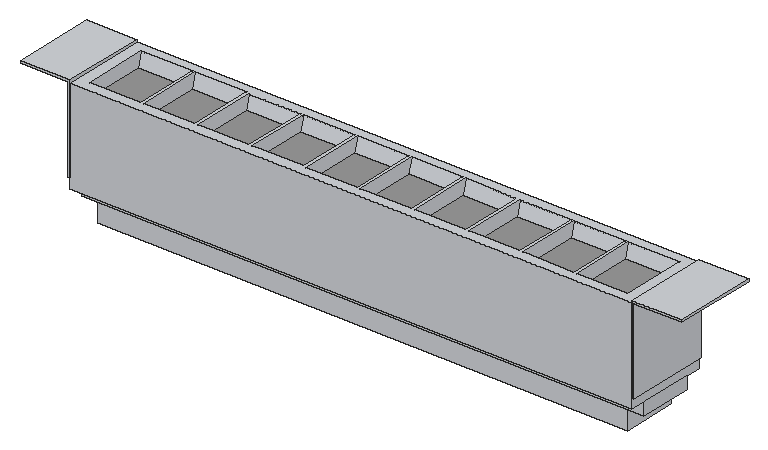
Revit family "2061172 Sylvania Lighting Fixture DOMINO 10xLED 930 BLACK NB TRIMLESS WHITE", category Lighting Fixtures, host Face, Revit 2018
Family settings
  Host = Face
  Round Connector Dimension = Use Diameter
  Part Type = Normal
  OmniClass Number = 23.80.70.00
  OmniClass Title = Lighting
  Cut with Voids When Loaded = No
  Light Source = Yes
  Shared = No
  Room Calculation Point = No
Parameters (values of type "2061172 DOMINO 10XLED 930 BLACK NB TS WHT ")
  top top width = 15.812 mm
  top top length = 255 mm
  Width = 50 mm
  Weight = "n/a"
  Wattage Comments = ""
  Wattage = 9.2903 W
  WarrantyStartDate [instance] = "n/a"
  WarrantyGuarantorParts = "n/a"
  WarrantyDurationUnit = "n/a"
  WarrantyDurationParts = ""
  WarrantyDescription = "http://www.sylvania-lighting.com"
  built-in parameter 1150110 = 1 (stored number, unit not read)
  Voltage = 0 V
  URL = "0.95"
  TypeName = "DOMINO 10xLED 930 BLACK NB TRIMLESS WHITE"
  Type Image = <None>
  Type Comments = "n/a"
  built-in parameter 1114217 = 1 (stored number, unit not read)
  Top Width = 26 mm
  Tilt Angle = 90.00°
  built-in parameter 1150109 = 1 (stored number, unit not read)
  built-in parameter 1150134 = 3
  built-in parameter 1150113 = 1 (stored number, unit not read)
  SerialNumber [instance] = "n/a"
  Recessed Width = 43 mm
  Recessed Length = 276 mm
  Photometric Web File = "2061172.ies"
  Material_3_FEILO = none
  PowerFactor = 0
  PowerConsumption = "Lighting"
  NominalLength = 41 mm
  NominalHeight = 0 mm
  NominalDepth = 0 mm
  Name = "DOMINO 10xLED 930 BLACK NB TRIMLESS WHITE"
  ModelReference = Name  # "DOMINO 10xLED 930 BLACK NB TRIMLESS WHITE"
  ModelNumber = "2061172"
  Model = Name  # "DOMINO 10xLED 930 BLACK NB TRIMLESS WHITE"
  Material = "Feilo Sylvania"
  ManufacturerName = "69 lm/W"
  Manufacturer = ""
  LuminousEfficacy = ""
  built-in parameter 1150105 = 109.82 (stored number, unit not read)
  Lumens = 1380 lm
  LuminaireType = "0"
  built-in parameter 1150115 = 1 (stored number, unit not read)
  LightOutputRatio = "LED"
  built-in parameter 1150137 = (empty or 0)
  built-in parameter 1150139 = (empty or 0)
  Lens inside recess = 25 mm
  Lens Width = 32 mm
  Lens Outside recess = 31.978 mm
  Lens = Glass, White, High Luminance
  Length = 280 mm
  LampsType = Lamp  # "n/a"
  LampNominalLuminous = "3000 K"
  LampMacAdamStep = "90"
  LampColourTemperature = "LED"
  LampColourRenderingIndex = "16500"
  built-in parameter 1150112 = 1 (stored number, unit not read)
  built-in parameter 1150114 = 1 (stored number, unit not read)
  Lamp = "n/a"
  Keynote = "n/a"
  InstallationDate [instance] = "n/a"
  InputVoltage = "0"
  InputNominalFrequency = "3000"
  built-in parameter 1150132 = (empty or 0)
  built-in parameter 1150102 = (empty or 0)
  built-in parameter 1150107 = 3200 (stored number, unit not read)
  built-in parameter 1150138 = (empty or 0)
  IngressProtection = "IfcLightFixtureType"
  ImpactProtectionIndex = "IfcLightFixtureType"
  built-in parameter 1150106 = 1.0982 (stored number, unit not read)
  IfcExportType = "IfcLightFixtureType"
  IfcExportAs = "Class II"
  Facia internal width = 37 mm
  Facia internal length = 268 mm
  Facia Height = 2 mm
  ExpectedLife = 50000
  Emit from Circle Diameter = 609.6 mm
  Emit Shape Visible in Rendering = no
  ElectricShockClassification = "69"
  built-in parameter 1150104 = 13.8 (stored number, unit not read)
  DurationUnit = "hours"
  DocumentationLiterature = "http://www.sylvania-lighting.com/product/en-int/products/2061172"
  DimmingControlOptions = "n/a"
  Material_2_FEILO = none
  Dimming Lamp Color Temperature Shift = <None>
  Description = "Modular LED recessed linear spotlight, ideal for retail and hospitality applications. Die-cast aluminium body, passive cooling. Two levels of reflector installation, low glaring UGR<16. 10x LED source, 15° beam angle , optics: PMMA lens and polycarbonate reflector combination, Black matt reflector finish. Light color temperature: 3000K warm white, total system power: 23W , total fixture lumen output: 1575lm, efficacy: 69 lm/W, Ra90 typical, LED chromacity: 3 step MacAdam ellipse (SDCM3), lifespan: 96,000 hours at 90% of the original output (L90B10), IR/UV free light source without heat radiation, operating voltage: 220-240V / 50-60Hz, electronic driver, ultra low flicker, non-dimmable , electrical protection: Class II. Degree of Protection: IP40/IP20, suitable for indoor environment only. Ceiling cut-out: 42x42mm, outer dimensions:  272x41mm , trimless frame RAL 9016 - Traffic white / Bezel color.5 years Warranty."
  Default Elevation = 1219.2 mm
  CreatedOn = "11/02/2021"
  CreatedBy = "@sylvania-lighting.com"
  Cost = 0
  Color Filter = 16777215
  built-in parameter 1114216 [instance] = (empty or 0)
  ClassificationValue = "EF_70_80"
  ClassificationName = "Uniclass2015"
  Material_1_FEILO = none
  Body Width = 40 mm
  Body Length = 270 mm
  BarCode [instance] = "n/a"
  built-in parameter 1114218 = 1 (stored number, unit not read)
  built-in parameter 1150133 = 10 (stored number, unit not read)
  AssetType = "Fixed"
  AssetIdentifier [instance] = "n/a"
  Assembly Code = "D5020200"
  Apparent Load = 23 VA
  Material_4_FEILO = none
Reference planes
  plane 1 "Center (Front/Back)": y = 0
  plane 2: z = 0
  plane 3 "Center (Left/Right)": x = 0
  plane 4: z = 0
  plane 5: z = -7
  plane 6: z = -45.895
  plane 7: z = -51.895
  plane 8: z = -60.895
  plane 9: x = -138
  plane 10: x = 138
  plane 11: y = 21.5
  plane 12: y = -21.5
  plane 13: x = -140
  plane 14: x = 140
  plane 15: y = 25
  plane 16: y = -25
  plane 17: x = 134
  plane 18: x = -134
  plane 19: y = 18.5
  plane 20: y = -18.5
  plane 21: z = 2
  plane 22: x = -135
  plane 23: x = 135
  plane 24: y = 20
  plane 25: y = -20
  plane 26: y = 13
  plane 27: y = -13
  plane 28: x = 127.5
  plane 29: x = -127.5
  plane 30: x = -132
  plane 31: y = 16.5
  plane 32: y = -16.472
  plane 33: y = 13
  plane 34: y = -12.972
  plane 35: x = 129.7
  plane 36: x = 127.224
  plane 37: x = -136
  plane 38: z = 1
  plane 39: x = -159
  plane 40: z = -41
  plane 41: x = 159
  plane 42: x = 136
Forms (mm)
  Extrusion 1, solid, not visible, detail levels medium+fine
    sketch origin (4.2, 0, 0) x (1, 0, 0) y (0, 1, 0)
      loop
        line (-29.2, 34.5) -> (-29.2, -34.5) -> (20.8, -34.5) -> (20.8, 34.5) -> (-29.2, 34.5)
    from 0 to 1
  Extrusion 2, solid, not visible, detail levels medium+fine
    sketch origin (4.044, 0, 0) x (1, 0, 0) y (0, 1, 0)
      loop
        line (-29.2, 34.5) -> (-29.2, -34.5) -> (20.8, -34.5) -> (20.8, 34.5) -> (-29.2, 34.5)
    from 0 to 1
  Blend 3, solid, not visible, detail levels medium+fine
    base sketch origin (4.2, 0, 0) x (1, 0, 0) y (0, 1, 0)
      loop
        line (-29.2, 34.5) -> (-29.2, -34.5) -> (20.8, -34.5) -> (20.8, 34.5) -> (-29.2, 34.5)
    top sketch origin (4.2, 0, 0) x (1, 0, 0) y (0, 1, 0)
      loop
        line (-21.7, 28) -> (-21.7, -28) -> (13.3, -28) -> (13.3, 28) -> (-21.7, 28)
    from 1 to 3
  Extrusion 4, solid, not visible, detail levels medium+fine
    sketch origin (3.419, 0, 0) x (1, 0, 0) y (0, 1, 0)
      loop
        line (-29.2, 34.5) -> (-29.2, -34.5) -> (20.8, -34.5) -> (20.8, 34.5) -> (-29.2, 34.5)
    from 0 to 1
  Blend 5, solid, not visible, detail levels medium+fine
    base sketch origin (3.575, 0, 0) x (1, 0, 0) y (0, 1, 0)
      loop
        line (-29.2, 34.5) -> (-29.2, -34.5) -> (20.8, -34.5) -> (20.8, 34.5) -> (-29.2, 34.5)
    top sketch origin (3.575, 0, 0) x (1, 0, 0) y (0, 1, 0)
      loop
        line (-21.7, 28) -> (-21.7, -28) -> (13.3, -28) -> (13.3, 28) -> (-21.7, 28)
    from 1 to 3
  Extrusion 6, solid, not visible, detail levels medium+fine
    sketch origin (4.247, 0, 0) x (1, 0, 0) y (0, 1, 0)
      loop
        line (-29.2, 34.5) -> (-29.2, -34.5) -> (20.8, -34.5) -> (20.8, 34.5) -> (-29.2, 34.5)
    from 0 to 1
  Blend 7, solid, not visible, detail levels medium+fine
    base sketch origin (4.403, 0, 0) x (1, 0, 0) y (0, 1, 0)
      loop
        line (-29.2, 34.5) -> (-29.2, -34.5) -> (20.8, -34.5) -> (20.8, 34.5) -> (-29.2, 34.5)
    top sketch origin (4.403, 0, 0) x (1, 0, 0) y (0, 1, 0)
      loop
        line (-21.7, 28) -> (-21.7, -28) -> (13.3, -28) -> (13.3, 28) -> (-21.7, 28)
    from 1 to 3
  Extrusion 8, void, detail levels medium+fine
    sketch origin (4.2, 0, 0) x (0, 1, 0) y (1, 0, 0)
      loop
        line (21.5, -142.2) -> (21.5, 133.8) -> (-21.5, 133.8) -> (-21.5, -142.2) -> (21.5, -142.2)
    from -9.934 to 83.097
  Extrusion 9, solid, detail levels medium+fine
    sketch origin (4.2, 0, 0) x (1, 0, 0) y (0, 1, 0)
      loop
        line (-139.2, 20) -> (-139.2, -20) -> (130.8, -20) -> (130.8, 20) -> (-139.2, 20)
    from 0 to -45.895
  Extrusion 10, solid, detail levels medium+fine
    sketch origin (4.2, 0, 0) x (1, 0, 0) y (0, 1, 0)
      loop
        line (-139.2, 13) -> (-139.2, -13) -> (130.8, -13) -> (130.8, 13) -> (-139.2, 13)
    from -51.895 to -45.895
  Extrusion 11, solid, material "Glass, White, High Luminance" <- "Lens", detail levels fine
    sketch origin (-53.155, 1221.106, 36.156) x (1, 0, 0) y (0, 1, 0)
      loop
        line (-76.18, -1206.856) -> (-76.18, -1232.856) -> (-52.18, -1232.856) -> (-52.18, -1206.856) -> (-76.18, -1206.856)
    from -43.156 to -42.182
  Extrusion 12, solid, detail levels fine
    sketch origin (0, 0, 0) x (1, 0, 0) y (0, 0, 1)
      loop
        line (-127.5, -51.895) -> (-127.5, -60.895) -> (127.5, -60.895) -> (127.5, -51.895) -> (-127.5, -51.895)
    from -13 to 13
  Blend 13, void
    base sketch origin (-59.8, 0, 0) x (0, 1, 0) y (-1, 0, 0)
      loop
        line (16.5, 69.7) -> (-16.472, 69.7) -> (-16.472, 44.7) -> (16.5, 44.7) -> (16.5, 69.7)
    top sketch origin (-59.8, 0, 0) x (0, 1, 0) y (-1, 0, 0)
      loop
        line (13, 69.2) -> (-12.972, 69.2) -> (-12.972, 45.2) -> (13, 45.2) -> (13, 69.2)
    from 3 to -7
  Blend 14, void
    base sketch origin (18.282, 0, 0) x (0, 1, 0) y (-1, 0, 0)
      loop
        line (16.5, 69.7) -> (-16.472, 69.7) -> (-16.472, 44.7) -> (16.5, 44.7) -> (16.5, 69.7)
    top sketch origin (18.282, 0, 0) x (0, 1, 0) y (-1, 0, 0)
      loop
        line (13, 69.2) -> (-12.972, 69.2) -> (-12.972, 45.2) -> (13, 45.2) -> (13, 69.2)
    from 3 to -7
  Blend 15, void
    base sketch origin (44.284, -0.017, 0) x (0, 1, 0) y (-1, 0, 0)
      loop
        line (16.5, 69.7) -> (-16.472, 69.7) -> (-16.472, 44.7) -> (16.5, 44.7) -> (16.5, 69.7)
    top sketch origin (44.284, -0.017, 0) x (0, 1, 0) y (-1, 0, 0)
      loop
        line (13, 69.2) -> (-12.972, 69.2) -> (-12.972, 45.2) -> (13, 45.2) -> (13, 69.2)
    from 3 to -7
  Blend 16, void
    base sketch origin (70.327, 0, 0) x (0, 1, 0) y (-1, 0, 0)
      loop
        line (16.5, 69.7) -> (-16.472, 69.7) -> (-16.472, 44.7) -> (16.5, 44.7) -> (16.5, 69.7)
    top sketch origin (70.327, 0, 0) x (0, 1, 0) y (-1, 0, 0)
      loop
        line (13, 69.2) -> (-12.972, 69.2) -> (-12.972, 45.2) -> (13, 45.2) -> (13, 69.2)
    from 3 to -7
  Blend 17, void
    base sketch origin (96.351, 0, 0) x (0, 1, 0) y (-1, 0, 0)
      loop
        line (16.5, 69.7) -> (-16.472, 69.7) -> (-16.472, 44.7) -> (16.5, 44.7) -> (16.5, 69.7)
    top sketch origin (96.351, 0, 0) x (0, 1, 0) y (-1, 0, 0)
      loop
        line (13, 69.2) -> (-12.972, 69.2) -> (-12.972, 45.2) -> (13, 45.2) -> (13, 69.2)
    from 3 to -7
  Extrusion 18, solid, material "Glass, White, High Luminance" <- "Lens", detail levels fine
    sketch origin (-29.269, 1219.946, 36.156) x (1, 0, 0) y (0, 1, 0)
      loop
        line (-73.723, -1206.946) -> (-73.723, -1232.946) -> (-49.723, -1232.946) -> (-49.723, -1206.946) -> (-73.723, -1206.946)
    from -43.156 to -42.182
  Extrusion 19, solid, material "Glass, White, High Luminance" <- "Lens", detail levels fine
    sketch origin (-0.613, 1219.733, 36.156) x (1, 0, 0) y (0, 1, 0)
      loop
        line (-76.347, -1206.7) -> (-76.347, -1232.733) -> (-52.347, -1232.733) -> (-52.347, -1206.7) -> (-76.347, -1206.7)
    from -43.156 to -42.182
  Extrusion 20, solid, material "Glass, White, High Luminance" <- "Lens", detail levels fine
    sketch origin (24.387, 1218.509, 36.156) x (1, 0, 0) y (0, 1, 0)
      loop
        line (-75.305, -1205.509) -> (-75.305, -1231.509) -> (-51.305, -1231.509) -> (-51.305, -1205.509) -> (-75.305, -1205.509)
    from -43.156 to -42.182
  Extrusion 21, solid, material "Glass, White, High Luminance" <- "Lens", detail levels fine
    sketch origin (51.187, 1219.547, 36.156) x (1, 0, 0) y (0, 1, 0)
      loop
        line (-76.102, -1206.547) -> (-76.102, -1232.547) -> (-52.102, -1232.547) -> (-52.102, -1206.547) -> (-76.102, -1206.547)
    from -43.156 to -42.182
  Blend 22, void
    base sketch origin (-33.792, 0, 0) x (0, 1, 0) y (-1, 0, 0)
      loop
        line (16.5, 69.7) -> (-16.472, 69.7) -> (-16.472, 44.7) -> (16.5, 44.7) -> (16.5, 69.7)
    top sketch origin (-33.792, 0, 0) x (0, 1, 0) y (-1, 0, 0)
      loop
        line (13, 69.2) -> (-12.972, 69.2) -> (-12.972, 45.2) -> (13, 45.2) -> (13, 69.2)
    from 3 to -7
  Blend 23, void
    base sketch origin (-7.76, 0, 0) x (0, 1, 0) y (-1, 0, 0)
      loop
        line (16.5, 69.7) -> (-16.472, 69.7) -> (-16.472, 44.7) -> (16.5, 44.7) -> (16.5, 69.7)
    top sketch origin (-7.76, 0, 0) x (0, 1, 0) y (-1, 0, 0)
      loop
        line (13, 69.2) -> (-12.972, 69.2) -> (-12.972, 45.2) -> (13, 45.2) -> (13, 69.2)
    from 3 to -7
  Blend 24, void
    base sketch origin (122.411, 0, 0) x (0, 1, 0) y (-1, 0, 0)
      loop
        line (16.5, 69.7) -> (-16.472, 69.7) -> (-16.472, 44.7) -> (16.5, 44.7) -> (16.5, 69.7)
    top sketch origin (122.411, 0, 0) x (0, 1, 0) y (-1, 0, 0)
      loop
        line (13, 69.2) -> (-12.972, 69.2) -> (-12.972, 45.2) -> (13, 45.2) -> (13, 69.2)
    from 3 to -7
  Extrusion 25, solid, material "Glass, White, High Luminance" <- "Lens", detail levels fine
    sketch origin (77.265, 1219.547, 36.156) x (1, 0, 0) y (0, 1, 0)
      loop
        line (-76.102, -1206.547) -> (-76.102, -1232.547) -> (-52.102, -1232.547) -> (-52.102, -1206.547) -> (-76.102, -1206.547)
    from -43.156 to -42.182
  Extrusion 26, solid, material "Glass, White, High Luminance" <- "Lens", detail levels fine
    sketch origin (100.753, 1219.547, 36.156) x (1, 0, 0) y (0, 1, 0)
      loop
        line (-76.102, -1206.547) -> (-76.102, -1232.547) -> (-52.102, -1232.547) -> (-52.102, -1206.547) -> (-76.102, -1206.547)
    from -43.156 to -42.182
  Extrusion 27, solid, material "Glass, White, High Luminance" <- "Lens", detail levels fine
    sketch origin (129.314, 1219.547, 36.156) x (1, 0, 0) y (0, 1, 0)
      loop
        line (-76.102, -1206.547) -> (-76.102, -1232.547) -> (-52.102, -1232.547) -> (-52.102, -1206.547) -> (-76.102, -1206.547)
    from -43.156 to -42.182
  Blend 28, void
    base sketch origin (148.416, 0, 0) x (0, 1, 0) y (-1, 0, 0)
      loop
        line (16.5, 69.7) -> (-16.472, 69.7) -> (-16.472, 44.7) -> (16.5, 44.7) -> (16.5, 69.7)
    top sketch origin (148.416, 0, 0) x (0, 1, 0) y (-1, 0, 0)
      loop
        line (13, 69.2) -> (-12.972, 69.2) -> (-12.972, 45.2) -> (13, 45.2) -> (13, 69.2)
    from 3 to -7
  Extrusion 29, solid, material "Glass, White, High Luminance" <- "Lens", detail levels fine
    sketch origin (155.278, 1219.547, 36.156) x (1, 0, 0) y (0, 1, 0)
      loop
        line (-76.102, -1206.547) -> (-76.102, -1232.547) -> (-52.102, -1232.547) -> (-52.102, -1206.547) -> (-76.102, -1206.547)
    from -43.156 to -42.182
  Blend 30, void
    base sketch origin (174.42, 0, 0) x (0, 1, 0) y (-1, 0, 0)
      loop
        line (16.5, 69.7) -> (-16.472, 69.7) -> (-16.472, 44.7) -> (16.5, 44.7) -> (16.5, 69.7)
    top sketch origin (174.42, 0, 0) x (0, 1, 0) y (-1, 0, 0)
      loop
        line (13, 69.2) -> (-12.972, 69.2) -> (-12.972, 45.2) -> (13, 45.2) -> (13, 69.2)
    from 3 to -7
  Extrusion 31, solid, material "Glass, White, High Luminance" <- "Lens", detail levels fine
    sketch origin (181.434, 1219.547, 36.156) x (1, 0, 0) y (0, 1, 0)
      loop
        line (-76.214, -1206.547) -> (-76.214, -1232.547) -> (-52.214, -1232.547) -> (-52.214, -1206.547) -> (-76.214, -1206.547)
    from -43.156 to -42.182
  Extrusion 32, solid, detail levels coarse
    sketch origin (4.2, 0, 0) x (1, 0, 0) y (0, 1, 0)
      loop
        line (-163.2, 25) -> (-163.2, -25) -> (154.8, -25) -> (154.8, 25) -> (-163.2, 25)
    from -60.895 to 1
  Extrusion 33, solid, detail levels medium+fine
    sketch origin (0, 0, 0) x (1, 0, 0) y (0, 0, 1)
      loop
        line (-135, -41) -> (-135, 1) -> (-159, 1) -> (-159, 0) -> (-136, 0) -> (-136, -41) -> (-135, -41)
    from -20 to 20
  Extrusion 34, solid, detail levels medium+fine
    sketch origin (0, 0, 0) x (1, 0, 0) y (0, 0, 1)
      loop
        line (159, 1) -> (135, 1) -> (135, -41) -> (136, -41) -> (136, 0) -> (159, 0) -> (159, 1)
    from -20 to 20
Cuts and joins
  Blend 13, Blend 14, Blend 15, Blend 16, Blend 17, Blend 22, Blend 23, Blend 24, Blend 28, Blend 30 cuts Extrusion 9
  Blend 30 cuts Extrusion 29
Dimensions and locks
  "Recessed Length": plane 9 to plane 10
  equal spacing: plane 9, plane 3 "Center (Left/Right)", plane 10
  "Length": plane 13 to plane 14
  equal spacing: plane 13, plane 3 "Center (Left/Right)", plane 14
  "Recessed Width": plane 11 to plane 12
  equal spacing: plane 11, plane 1 "Center (Front/Back)", plane 12
  "Width": plane 15 to plane 16
  equal spacing: plane 15, plane 1 "Center (Front/Back)", plane 16
  "Facia internal length": plane 18 to plane 17
  equal spacing: plane 18, plane 3 "Center (Left/Right)", plane 17
  "Facia internal width": plane 19 to plane 20
  equal spacing: plane 19, plane 1 "Center (Front/Back)", plane 20
  "Facia Height": plane 21 to host face
  "Body Length": plane 22 to plane 23
  equal spacing: plane 22, plane 3 "Center (Left/Right)", plane 23
  "Body Width": plane 24 to plane 25
  equal spacing: plane 24, plane 1 "Center (Front/Back)", plane 25
  "Top Width": plane 26 to plane 27
  equal spacing: plane 26, plane 1 "Center (Front/Back)", plane 27
  "top top length": plane 29 to plane 28
  equal spacing: plane 29, plane 3 "Center (Left/Right)", plane 28  (x2)
  plane 28 to plane 29 = 255 mm
  equal spacing: plane 28, plane 3 "Center (Left/Right)", plane 29
  aligned and locked: plane 2 to host face
  aligned and locked: level to host face
  aligned and locked: Extrusion 10 to plane 7
  aligned and locked: Extrusion 9 to plane 6
  aligned and locked: Extrusion 11 to plane 5
Automatic sketch dimensions
  Extrusion 1 sketch curve to Extrusion 1 sketch curve = 50 mm
  Extrusion 1 sketch curve to Extrusion 1 sketch curve = 69 mm
  Extrusion 2 sketch curve to Extrusion 2 sketch curve = 50 mm
  Extrusion 2 sketch curve to Extrusion 2 sketch curve = 69 mm
  Blend 3 sketch curve to Blend 3 sketch curve = 50 mm
  Blend 3 sketch curve to Blend 3 sketch curve = 69 mm
  Blend 3 sketch curve to Blend 3 sketch curve = 35 mm
  Blend 3 sketch curve to Blend 3 sketch curve = 56 mm
  Extrusion 4 sketch curve to Extrusion 4 sketch curve = 50 mm
  Extrusion 4 sketch curve to Extrusion 4 sketch curve = 69 mm
  Blend 5 sketch curve to Blend 5 sketch curve = 50 mm
  Blend 5 sketch curve to Blend 5 sketch curve = 69 mm
  Blend 5 sketch curve to Blend 5 sketch curve = 35 mm
  Blend 5 sketch curve to Blend 5 sketch curve = 56 mm
  Extrusion 6 sketch curve to Extrusion 6 sketch curve = 50 mm
  Extrusion 6 sketch curve to Extrusion 6 sketch curve = 69 mm
  Blend 7 sketch curve to Blend 7 sketch curve = 50 mm
  Blend 7 sketch curve to Blend 7 sketch curve = 69 mm
  Blend 7 sketch curve to Blend 7 sketch curve = 35 mm
  Blend 7 sketch curve to Blend 7 sketch curve = 56 mm
  host sketch curve to host sketch curve = 2438.4 mm  (x2)
  Extrusion 8 sketch curve to plane 9 = 0 mm
  Extrusion 8 sketch curve to plane 12 = 0 mm
  Extrusion 8 sketch curve to plane 11 = 0 mm
  Extrusion 8 sketch curve to plane 10 = 0 mm
  Extrusion 9 sketch curve to plane 22 = 0 mm
  Extrusion 9 sketch curve to plane 23 = 0 mm
  Extrusion 9 sketch curve to plane 25 = 0 mm
  Extrusion 9 sketch curve to plane 24 = 0 mm
  Extrusion 10 sketch curve to plane 22 = 0 mm
  Extrusion 10 sketch curve to plane 23 = 0 mm
  Extrusion 10 sketch curve to plane 27 = 0 mm
  plane 26 to Extrusion 10 sketch curve = 0 mm
  plane 27 to Extrusion 11 sketch curve = 1.25 mm
  plane 26 to Extrusion 11 sketch curve = 1.25 mm
  plane 30 to Extrusion 11 sketch curve = 2.665 mm
  Extrusion 12 sketch curve to plane 8 = 0 mm
  Extrusion 12 sketch curve to plane 29 = 0 mm
  Extrusion 12 sketch curve to plane 28 = 0 mm
  Extrusion 12 sketch curve to plane 7 = 0 mm
  plane 30 to Blend 13 sketch curve = 2.5 mm
  Blend 13 sketch curve to plane 32 = 0 mm
  Blend 13 sketch curve to plane 31 = 0 mm
  Blend 13 sketch curve to plane 34 = 0 mm
  Blend 13 sketch curve to plane 26 = 0 mm
  plane 30 to Blend 13 sketch curve = 3 mm
  Blend 14 sketch curve to plane 32 = 0 mm
  Blend 14 sketch curve to plane 31 = 0 mm
  Blend 14 sketch curve to plane 34 = 0 mm
  Blend 14 sketch curve to plane 26 = 0 mm
  Blend 15 sketch curve to plane 32 = 0.017 mm
  Blend 15 sketch curve to plane 31 = 0.017 mm
  plane 27 to Blend 15 sketch curve = 0.011 mm
  Blend 15 sketch curve to plane 26 = 0.017 mm
  plane 32 to Blend 16 sketch curve = 0 mm
  plane 31 to Blend 16 sketch curve = 0 mm
  plane 34 to Blend 16 sketch curve = 0 mm
  plane 26 to Blend 16 sketch curve = 0 mm
  Blend 17 sketch curve to plane 32 = 0 mm
  Blend 17 sketch curve to plane 31 = 0 mm
  Blend 17 sketch curve to plane 34 = 0 mm
  Blend 17 sketch curve to plane 26 = 0 mm
  Extrusion 18 sketch curve to plane 27 = 0 mm
  Extrusion 18 sketch curve to plane 26 = 0 mm
  Extrusion 19 sketch curve to plane 27 = 0 mm
  plane 26 to Extrusion 19 sketch curve = 0.033 mm
  Extrusion 20 sketch curve to plane 27 = 0 mm
  Extrusion 20 sketch curve to plane 26 = 0 mm
  Extrusion 21 sketch curve to plane 27 = 0 mm
  Extrusion 21 sketch curve to plane 26 = 0 mm
  Blend 22 sketch curve to plane 32 = 0 mm
  Blend 22 sketch curve to plane 31 = 0 mm
  Blend 22 sketch curve to plane 34 = 0 mm
  Blend 22 sketch curve to plane 26 = 0 mm
  Blend 23 sketch curve to plane 32 = 0 mm
  Blend 23 sketch curve to plane 31 = 0 mm
  Blend 23 sketch curve to plane 34 = 0 mm
  Blend 23 sketch curve to plane 26 = 0 mm
  Blend 24 sketch curve to plane 32 = 0 mm
  Blend 24 sketch curve to plane 31 = 0 mm
  Blend 24 sketch curve to plane 34 = 0 mm
  Blend 24 sketch curve to plane 26 = 0 mm
  Extrusion 25 sketch curve to plane 27 = 0 mm
  Extrusion 25 sketch curve to plane 26 = 0 mm
  Extrusion 26 sketch curve to plane 27 = 0 mm
  Extrusion 26 sketch curve to plane 26 = 0 mm
  Extrusion 27 sketch curve to plane 27 = 0 mm
  Extrusion 27 sketch curve to plane 26 = 0 mm
  Blend 28 sketch curve to plane 32 = 0 mm
  Blend 28 sketch curve to plane 31 = 0 mm
  Blend 28 sketch curve to plane 34 = 0 mm
  Blend 28 sketch curve to plane 26 = 0 mm
  Extrusion 29 sketch curve to plane 27 = 0 mm
  Extrusion 29 sketch curve to plane 26 = 0 mm
  Blend 30 sketch curve to plane 32 = 0 mm
  Blend 30 sketch curve to plane 31 = 0 mm
  plane 28 to Blend 30 sketch curve = 2.22 mm
  Blend 30 sketch curve to plane 34 = 0 mm
  Blend 30 sketch curve to plane 26 = 0 mm
  plane 28 to Blend 30 sketch curve = 1.72 mm
  plane 27 to Extrusion 31 sketch curve = 0 mm
  plane 26 to Extrusion 31 sketch curve = 0 mm
  plane 28 to Extrusion 31 sketch curve = 1.72 mm
  Extrusion 19 sketch curve to Extrusion 19 sketch curve = 24 mm
  Blend 23 sketch curve to Blend 23 sketch curve = 24 mm
  plane 29 to Extrusion 11 sketch curve = 22.165 mm
  plane 29 to Blend 13 sketch curve = 23 mm
  plane 29 to Blend 13 sketch curve = 22.5 mm
  plane 29 to Extrusion 18 sketch curve = 24.508 mm
  Extrusion 18 sketch curve to Extrusion 18 sketch curve = 24 mm
  plane 29 to Blend 22 sketch curve = 49.008 mm
  plane 29 to Blend 22 sketch curve = 24.008 mm
  plane 29 to Blend 22 sketch curve = 48.508 mm
  Blend 22 sketch curve to Blend 22 sketch curve = 24 mm
  Blend 23 sketch curve to Blend 23 sketch curve = 25 mm
  Blend 14 sketch curve to Blend 14 sketch curve = 25 mm
  Blend 14 sketch curve to Blend 14 sketch curve = 24 mm
  plane 29 to Extrusion 19 sketch curve = 50.54 mm
  Extrusion 20 sketch curve to Extrusion 20 sketch curve = 24 mm
  Blend 14 sketch curve to plane 3 "Center (Left/Right)" = 26.418 mm
  Blend 14 sketch curve to plane 3 "Center (Left/Right)" = 26.918 mm
  Blend 15 sketch curve to plane 3 "Center (Left/Right)" = 0.416 mm
  Blend 15 sketch curve to Blend 15 sketch curve = 25 mm
  Blend 15 sketch curve to plane 3 "Center (Left/Right)" = 0.916 mm
  Blend 15 sketch curve to Blend 15 sketch curve = 24 mm
  plane 3 "Center (Left/Right)" to Blend 16 sketch curve = 0.627 mm
  plane 3 "Center (Left/Right)" to Blend 16 sketch curve = 1.127 mm
  Extrusion 20 sketch curve to plane 3 "Center (Left/Right)" = 50.918 mm
  Extrusion 21 sketch curve to plane 3 "Center (Left/Right)" = 24.916 mm
  Extrusion 21 sketch curve to plane 3 "Center (Left/Right)" = 0.916 mm
  Blend 23 sketch curve to plane 3 "Center (Left/Right)" = 52.46 mm
  Blend 23 sketch curve to plane 3 "Center (Left/Right)" = 52.96 mm
  plane 3 "Center (Left/Right)" to Extrusion 25 sketch curve = 1.162 mm
  Blend 16 sketch curve to Blend 16 sketch curve = 25 mm
  Blend 16 sketch curve to Blend 16 sketch curve = 24 mm
  plane 3 "Center (Left/Right)" to Blend 17 sketch curve = 51.651 mm
  Blend 17 sketch curve to Blend 17 sketch curve = 25 mm
  plane 3 "Center (Left/Right)" to Blend 17 sketch curve = 51.151 mm
  Blend 17 sketch curve to Blend 17 sketch curve = 24 mm
  Blend 24 sketch curve to plane 36 = 49.513 mm
  Blend 24 sketch curve to Blend 24 sketch curve = 25 mm
  Blend 24 sketch curve to plane 36 = 50.013 mm
  Blend 24 sketch curve to Blend 24 sketch curve = 24 mm
  Extrusion 25 sketch curve to Extrusion 25 sketch curve = 24 mm
  plane 3 "Center (Left/Right)" to Extrusion 26 sketch curve = 24.651 mm
  Extrusion 26 sketch curve to Extrusion 26 sketch curve = 24 mm
  plane 3 "Center (Left/Right)" to Extrusion 27 sketch curve = 53.211 mm
  Extrusion 27 sketch curve to Extrusion 27 sketch curve = 24 mm
  Blend 28 sketch curve to plane 36 = 23.508 mm
  Blend 28 sketch curve to Blend 28 sketch curve = 25 mm
  Blend 28 sketch curve to plane 36 = 24.008 mm
  Blend 28 sketch curve to Blend 28 sketch curve = 24 mm
  Extrusion 29 sketch curve to plane 36 = 48.048 mm
  Extrusion 29 sketch curve to Extrusion 29 sketch curve = 24 mm
  Blend 30 sketch curve to plane 36 = 22.504 mm
  Blend 30 sketch curve to plane 36 = 22.004 mm
  Extrusion 31 sketch curve to plane 36 = 22.004 mm
  Extrusion 32 sketch curve to plane 13 = 19 mm
  plane 14 to Extrusion 32 sketch curve = 19 mm
  Extrusion 32 sketch curve to plane 16 = 0 mm
  Extrusion 32 sketch curve to plane 15 = 0 mm
  Extrusion 33 sketch curve to level = 0 mm
  Extrusion 33 sketch curve to plane 39 = 0 mm
  Extrusion 33 sketch curve to plane 37 = 0 mm
  Extrusion 33 sketch curve to plane 22 = 0 mm
  Extrusion 33 sketch curve to plane 40 = 0 mm
  Extrusion 33 sketch curve to plane 38 = 0 mm
  Extrusion 34 sketch curve to plane 23 = 0 mm
  Extrusion 34 sketch curve to plane 40 = 0 mm
  Extrusion 34 sketch curve to plane 42 = 0 mm
  Extrusion 34 sketch curve to plane 41 = 0 mm
  Extrusion 34 sketch curve to level = 0 mm
  Extrusion 34 sketch curve to plane 38 = 0 mm
Connectors
  electrical at (0, 0, -60.895)
    settings: on Extrusion 12, index 1, voltage 0 V, apparent load 0 VA, apparent load phase1 0 VA, apparent load phase2 0 VA, apparent load phase3 0 VA, power factor 1, load classification "Other", number of poles 1, system type 31, power factor state 1, is connector primary yes, connector utility no, sub classification motor no, connector description ""
